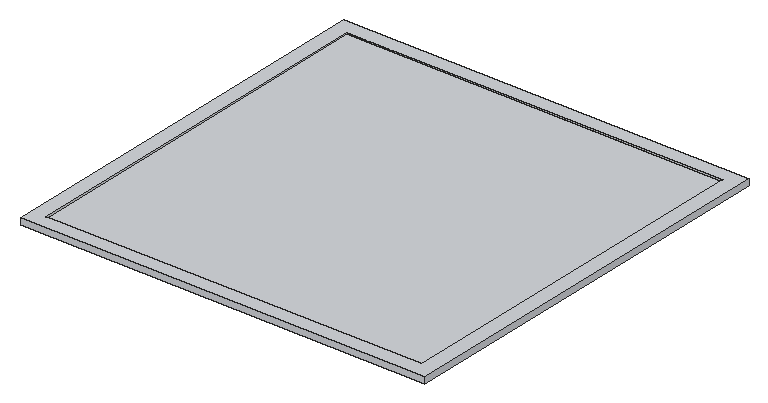
Revit family "0042389", category Lighting Fixtures, host Face, Revit 2017
Family settings
  Host = Face
  Round Connector Dimension = Use Diameter
  Part Type = Normal
  OmniClass Number = 23.80.70.00
  OmniClass Title = Lighting
  Cut with Voids When Loaded = No
  Light Source = Yes
  Shared = No
  Room Calculation Point = No
Parameters (values of type "0042389 START PANEL UGR19 600X600 4000LM 840 SSA")
  Weight = "6.285 kg"
  Wattage Comments = ""
  Wattage = 36 W
  WarrantyStartDate [instance] = "n/a"
  WarrantyGuarantorParts = "n/a"
  WarrantyDurationUnit = "n/a"
  WarrantyDurationParts = "n/a"
  WarrantyDescription = "n/a"
  WIDTH_SYL = 297.5 mm
  built-in parameter 1150110 = 1 (stored number, unit not read)
  Voltage = 0 V
  URL = "http://www.sylvania-lighting.com"
  TypeName = "START Panel UGR19 600x600 4000Lm 840 SSA"
  Type Image = <None>
  Type Comments = "n/a"
  built-in parameter 1114217 = 1 (stored number, unit not read)
  Tilt Angle = -90.00°
  built-in parameter 1150109 = 1 (stored number, unit not read)
  built-in parameter 1150134 = 12
  TOPWIDTH_SYL = 245 mm
  built-in parameter 1150113 = 1 (stored number, unit not read)
  SerialNumber [instance] = "n/a"
  Photometric Web File = "0042389.ies"
  Material_3_SYL = none
  PowerFactor = 0.95
  PowerConsumption = "36 W"
  NominalLength = 595 mm
  NominalHeight = 35 mm
  NominalDepth = 595 mm
  Name = "START Panel UGR19 600x600 4000Lm 840 SSA"
  ModelReference = Name  # "START Panel UGR19 600x600 4000Lm 840 SSA"
  ModelNumber = "0042389"
  Model = Name  # "START Panel UGR19 600x600 4000Lm 840 SSA"
  Material = "aluminium,steel housing, other diffuser"
  ManufacturerName = "Feilo Sylvania"
  Manufacturer = "Feilo Sylvania"
  MAINHEIGHT_SYL = 63 mm
  LuminousEfficacy = "111 lm/W"
  built-in parameter 1150105 = 317.99 (stored number, unit not read)
  Lumens = 3996 lm
  LuminaireType = ""
  built-in parameter 1150115 = 1 (stored number, unit not read)
  LightOutputRatio = "n/a"
  built-in parameter 1150137 = (empty or 0)
  built-in parameter 1150139 = (empty or 0)
  LampsType = Lamp  # "LED"
  LampNominalLuminous = "4000 lm"
  LampMacAdamStep = "6"
  LampColourTemperature = "4000 K"
  LampColourRenderingIndex = "80"
  built-in parameter 1150112 = 1 (stored number, unit not read)
  built-in parameter 1150114 = 1 (stored number, unit not read)
  Lamp = "LED"
  LUMWIDTH_SYL = 276.5 mm
  LUMDEPTH_SYL = 276.5 mm
  Keynote = "16500"
  InstallationDate [instance] = "n/a"
  InputVoltage = "n/a"
  InputNominalFrequency = "n/a"
  built-in parameter 1150132 = (empty or 0)
  built-in parameter 1150102 = (empty or 0)
  built-in parameter 1150107 = 4000 (stored number, unit not read)
  built-in parameter 1150138 = (empty or 0)
  IngressProtection = "IP40/20"
  ImpactProtectionIndex = "IK03"
  built-in parameter 1150106 = 3.1799 (stored number, unit not read)
  IfcExportType = "IfcLightFixtureType"
  IfcExportAs = "IfcLightFixtureType"
  HEIGHT_SYL = 33 mm
  HEIGHTBOTT_SYL = 7 mm
  Emit from Circle Diameter = 609.6 mm
  Emit Shape Visible in Rendering = no
  ElectricShockClassification = "Class II"
  built-in parameter 1150104 = 10.312 (stored number, unit not read)
  DocumentationLiterature = "http://www.sylvania-lighting.com/product/en-int/products/0042389"
  DimmingControlOptions = "n/a"
  Material_2_SYL = none
  Dimming Lamp Color Temperature Shift = <None>
  Description = "START Panel is a range of backlit LED panels used in recessed ceilings. Ideal for general indoor appliactions such as corridors, breakrooms, offices and meeting rooms. Luminaire dimensions are compatible with common ceiling installation, and the shallow design makes it easy to install in low ceilings. 4000Lm; 36W; 111Lm/W; Drive current: 750mA; Average life: 50000Hrs; 4000K; CRI 80; Glare control <19; IK03; IP40 (from the front); SDCM<3; Class II; SylSmart SSA enabled."
  Default Elevation = 1219.2 mm
  DEPTH_SYL = 297.5 mm
  CreatedOn = "9/9/2020"
  CreatedBy = "@sylvania-lighting.com"
  Cost = 0
  Color Filter = 16777215
  built-in parameter 1114216 [instance] = (empty or 0)
  ClassificationValue = "EF_70_80"
  ClassificationName = "Uniclass2015"
  Material_1_SYL = none
  BarCode [instance] = "n/a"
  built-in parameter 1114218 = 1 (stored number, unit not read)
  BOX_WIDTH_SYL = 40 mm
  built-in parameter 1150133 = 10 (stored number, unit not read)
  AssetType = "Fixed"
  AssetIdentifier [instance] = "n/a"
  Assembly Code = "D5020200"
  Apparent Load = 36 VA
  Material_4_SYL = none
  -LUMDEPTH_SYL = LUMDEPTH_SYL * (-1)  # -276.5 mm
Types (4, lengths in mm): name | Wattage | TypeName | built-in parameter 1150134 | Photometric Web File | PowerConsumption | Name | ModelReference | ModelNumber | Model | LuminousEfficacy | built-in parameter 1150105 | Lumens | LampNominalLuminous | LampColourTemperature | built-in parameter 1150107 | built-in parameter 1150106 | built-in parameter 1150104 | DocumentationLiterature | Description | Apparent Load
  0042390 START PANEL UGR19 600X600 4600LM 830 SSA | 43 W | "START Panel UGR19 600x600 4600Lm 830 SSA" | (empty or 0) | "0042390.ies" | "43 W" | "START Panel UGR19 600x600 4600Lm 830 SSA" | "START Panel UGR19 600x600 4600Lm 830 SSA" | "0042390" | "START Panel UGR19 600x600 4600Lm 830 SSA" | "107 lm/W" | 366.14 (stored number, unit not read) | 4601 lm | "4600 lm" | "3000 K" | 3000 (stored number, unit not read) | 3.6614 (stored number, unit not read) | 9.9406 (stored number, unit not read) | "http://www.sylvania-lighting.com/product/en-int/products/0042390" | "START Panel is a range of backlit LED panels used in recessed ceilings. Ideal for general indoor appliactions such as corridors, breakrooms, offices and meeting rooms. Luminaire dimensions are compatible with common ceiling installation, and the shallow design makes it easy to install in low ceilings. 4600Lm; 43W; 107Lm/W; Drive current: 950mA; Average life: 50000Hrs; 3000K; CRI 80; Glare control <19; IK03; IP40 (from the front); SDCM<3; Class II; SylSmart SSA enabled." | 43 VA
  0042389 START PANEL UGR19 600X600 4000LM 840 SSA | 36 W | "START Panel UGR19 600x600 4000Lm 840 SSA" | 12 | "0042389.ies" | "36 W" | "START Panel UGR19 600x600 4000Lm 840 SSA" | "START Panel UGR19 600x600 4000Lm 840 SSA" | "0042389" | "START Panel UGR19 600x600 4000Lm 840 SSA" | "111 lm/W" | 317.99 (stored number, unit not read) | 3996 lm | "4000 lm" | "4000 K" | 4000 (stored number, unit not read) | 3.1799 (stored number, unit not read) | 10.312 (stored number, unit not read) | "http://www.sylvania-lighting.com/product/en-int/products/0042389" | "START Panel is a range of backlit LED panels used in recessed ceilings. Ideal for general indoor appliactions such as corridors, breakrooms, offices and meeting rooms. Luminaire dimensions are compatible with common ceiling installation, and the shallow design makes it easy to install in low ceilings. 4000Lm; 36W; 111Lm/W; Drive current: 750mA; Average life: 50000Hrs; 4000K; CRI 80; Glare control <19; IK03; IP40 (from the front); SDCM<3; Class II; SylSmart SSA enabled." | 36 VA
  0042388 START PANEL UGR19 600X600 3800LM 830 SSA | 36 W | "START Panel UGR19 600x600 3800Lm 830 SSA" | (empty or 0) | "0042388.ies" | "36 W" | "START Panel UGR19 600x600 3800Lm 830 SSA" | "START Panel UGR19 600x600 3800Lm 830 SSA" | "0042388" | "START Panel UGR19 600x600 3800Lm 830 SSA" | "106 lm/W" | 303.67 (stored number, unit not read) | 3816 lm | "3800 lm" | "3000 K" | 3000 (stored number, unit not read) | 3.0367 (stored number, unit not read) | 9.8477 (stored number, unit not read) | "http://www.sylvania-lighting.com/product/en-int/products/0042388" | "START Panel is a range of backlit LED panels used in recessed ceilings. Ideal for general indoor appliactions such as corridors, breakrooms, offices and meeting rooms. Luminaire dimensions are compatible with common ceiling installation, and the shallow design makes it easy to install in low ceilings. 3800Lm; 36W; 106Lm/W; Drive current: 750mA; Average life: 50000Hrs; 3000K; CRI 80; Glare control <19; IK03; IP40 (from the front); SDCM<3; Class II; SylSmart SSA enabled." | 36 VA
  0042391 START PANEL UGR19 600X600 4800LM 840 SSA | 43 W | "START Panel UGR19 600x600 4800Lm 840 SSA" | 12 | "0042391.ies" | "43 W" | "START Panel UGR19 600x600 4800Lm 840 SSA" | "START Panel UGR19 600x600 4800Lm 840 SSA" | "0042391" | "START Panel UGR19 600x600 4800Lm 840 SSA" | "112 lm/W" | 383.25 (stored number, unit not read) | 4816 lm | "4800 lm" | "4000 K" | 4000 (stored number, unit not read) | 3.8325 (stored number, unit not read) | 10.405 (stored number, unit not read) | "http://www.sylvania-lighting.com/product/en-int/products/0042391" | "START Panel is a range of backlit LED panels used in recessed ceilings. Ideal for general indoor appliactions such as corridors, breakrooms, offices and meeting rooms. Luminaire dimensions are compatible with common ceiling installation, and the shallow design makes it easy to install in low ceilings. 4800Lm; 43W; 112Lm/W; Drive current: 950mA; Average life: 50000Hrs; 4000K; CRI 80; Glare control <19; IK03; IP40 (from the front); SDCM<3; Class II; SylSmart SSA enabled." | 43 VA
Reference planes
  plane 1 "Center (Front/Back)": y = 0
  plane 2: z = 0
  plane 3 "Center (Left/Right)": x = 0
  plane 4: x = -297.5
  plane 5: x = 297.5
  plane 6: y = 297.5
  plane 7: y = -297.5
  plane 8: x = 276.5
  plane 9: x = -276.5
  plane 10: y = 276.5
  plane 11: y = -276.5
  plane 12: z = -33
  plane 13: z = -7
  plane 14: x = -245
  plane 15: x = 245
  plane 16: y = -245
  plane 17: y = 245
  plane 18: y = 276.5
  plane 19: y = -276.5
  plane 20: z = -63
  plane 21: x = -40
  plane 22: x = 40
Forms (mm)
  Extrusion 1, solid
    sketch origin (0, 0, 0) x (1, 0, 0) y (0, 1, 0)
      loop
        line (-297.5, 297.5) -> (-297.5, -297.5) -> (297.5, -297.5) -> (297.5, 297.5) -> (-297.5, 297.5)
    from -7 to 2
  Extrusion 2, void
    sketch origin (0, 0, 0) x (1, 0, 0) y (0, 1, 0)
      loop
        line (-276.5, 276.5) -> (-276.5, -276.5) -> (276.5, -276.5) -> (276.5, 276.5) -> (-276.5, 276.5)
    from 0 to 10
  Extrusion 3, solid
    sketch origin (0, 0, 0) x (1, 0, 0) y (0, 0, 1)
      loop
        line (-276.5, -7) -> (-245, -33) -> (245, -33) -> (276.5, -7) -> (-276.5, -7)
    from -276.5 <- "-LUMDEPTH_SYL" to 276.5 <- "LUMDEPTH_SYL"
  Extrusion 4, void
    sketch origin (319, 1524, 1219.2) x (0, 1, 0) y (0, 0, 1)
      loop
        line (-1279, -1252.2) -> (-1247.5, -1252.2) -> (-1247.5, -1226.2) -> (-1279, -1252.2)
      loop
        line (-1800.5, -1226.2) -> (-1800.5, -1252.2) -> (-1769, -1252.2) -> (-1800.5, -1226.2)
    from -1000 to 1000
  Extrusion 5, solid
    sketch origin (0, 0, 0) x (1, 0, 0) y (0, 0, 1)
      loop
        line (-40, -33) -> (-40, -63) -> (40, -63) -> (40, -33) -> (-40, -33)
    from -40 to 40
Cuts and joins
  Extrusion 2 cuts Extrusion 1
  Extrusion 4 cuts Extrusion 3
Dimensions and locks
  "WIDTH_SYL": plane 4 to plane 3 "Center (Left/Right)" to plane 5
  "DEPTH_SYL": plane 7 to plane 1 "Center (Front/Back)" to plane 6
  "LUMWIDTH_SYL": plane 9 to plane 3 "Center (Left/Right)" to plane 8
  "LUMDEPTH_SYL": plane 11 to plane 1 "Center (Front/Back)" to plane 10
  "HEIGHT_SYL": host face to plane 12
  "HEIGHTBOTT_SYL": host face to plane 13
  "TOPWIDTH_SYL": plane 14 to imposter light to plane 15
  "TOPWIDTH_SYL": plane 17 to imposter light to plane 16
  "LUMWIDTH_SYL": plane 18 to imposter light to plane 19
  "MAINHEIGHT_SYL": host face to plane 20
  "BOX_WIDTH_SYL": plane 21 to imposter light to plane 22
  Extrusion 5 sketch curve to Extrusion 5 sketch curve to plane 13 = 30 mm, 26 mm
  aligned and locked: plane 2 to host face
  aligned and locked: level to host face
  aligned and locked: plane 6 to Extrusion 1 sketch curve
  aligned and locked: plane 4 to Extrusion 1 sketch curve
  aligned and locked: Extrusion 1 sketch curve to plane 7
  aligned and locked: Extrusion 1 sketch curve to plane 5
  aligned and locked: plane 10 to Extrusion 2 sketch curve
  aligned and locked: Extrusion 2 sketch curve to plane 9
  aligned and locked: Extrusion 2 sketch curve to plane 11
  aligned and locked: plane 8 to Extrusion 2 sketch curve
  aligned and locked: Extrusion 5 sketch curve to plane 21
  aligned and locked: plane 22 to Extrusion 5 sketch curve
Automatic sketch dimensions
  host sketch curve to host sketch curve = 2438.4 mm  (x2)
  plane 9 to Extrusion 3 sketch curve = 0 mm
  Extrusion 3 sketch curve to plane 12 = 0 mm
  plane 14 to Extrusion 3 sketch curve = 0 mm
  plane 15 to Extrusion 3 sketch curve = 0 mm
  plane 8 to Extrusion 3 sketch curve = 0 mm
  Extrusion 3 sketch curve to plane 13 = 0 mm
  Extrusion 4 sketch curve to plane 11 = 0 mm
  plane 12 to Extrusion 4 sketch curve = 0 mm  (x2)
  Extrusion 4 sketch curve to plane 16 = 0 mm
  Extrusion 4 sketch curve to plane 17 = 0 mm
  Extrusion 4 sketch curve to plane 10 = 0 mm
  plane 13 to Extrusion 4 sketch curve = 0 mm  (x2)
